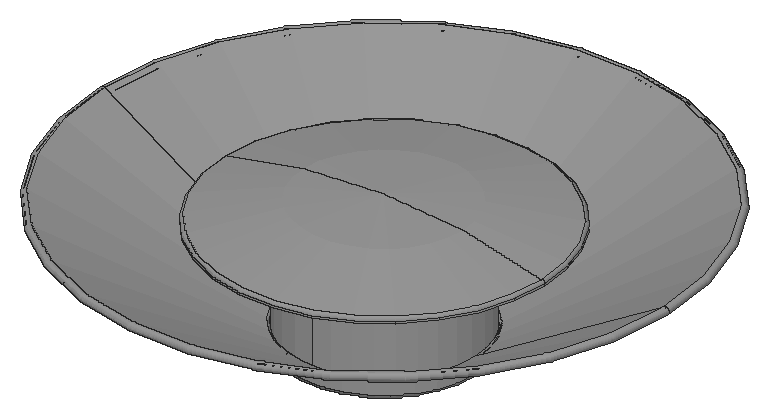
Revit family "BLE-W-CVR-LED", category Lighting Fixtures, host Face, Revit 2022
Family settings
  Host = Face
  Round Connector Dimension = Use Diameter
  Part Type = Normal
  Cut with Voids When Loaded = No
  Light Source = Yes
  Maintain Annotation Orientation = No
  Shared = No
  Room Calculation Point = No
Parameters (values of type "16"")
  Wattage = 5.72229 W
  built-in parameter 1150110 = 1 (stored number, unit not read)
  built-in parameter 1114217 = 1 (stored number, unit not read)
  Tilt Angle = 0.00°
  built-in parameter 1150109 = 1 (stored number, unit not read)
  built-in parameter 1150134 = (empty or 0)
  built-in parameter 1150113 = 1 (stored number, unit not read)
  Photometric Web File = "generic"
  built-in parameter 1150142 = (empty or 0)
  built-in parameter 1150105 = 67.641 (stored number, unit not read)
  Lumens = 850 lm
  built-in parameter 1150115 = 1 (stored number, unit not read)
  built-in parameter 1150137 = (empty or 0)
  built-in parameter 1150139 = (empty or 0)
  built-in parameter 1150112 = 1 (stored number, unit not read)
  built-in parameter 1150114 = 1 (stored number, unit not read)
  built-in parameter 1150132 = 2
  built-in parameter 1150102 = (empty or 0)
  built-in parameter 1150107 = 3000 (stored number, unit not read)
  built-in parameter 1150138 = (empty or 0)
  built-in parameter 1150106 = 0.67641 (stored number, unit not read)
  Emit from Line Length = 2' - 0"
  built-in parameter 1150104 = 13.8 (stored number, unit not read)
  Dimming Lamp Color Temperature Shift = <None>
  Shade Material = Copper
  Default Elevation = 4' - 0"
  Color Filter = 16777215
  Diffuser Material = Walnut
  built-in parameter 1114218 = 1 (stored number, unit not read)
  built-in parameter 1150133 = 10 (stored number, unit not read)
  16" = yes
  12" = no
  8" = no
Types (4): name | 16" | 12" | 8"
  (no name) | yes | no | no
  8" | no | no | yes
  12" | no | yes | no
  16" | yes | no | no
Reference planes (in)
  plane 1 "Center (Front/Back)": y = 0
  plane 2: z = 0
  plane 3 "Center (Left/Right)": x = 0
Lines and regions (in)
  reference lines
    curve 1: line (-35, 0, 0) -> (35, 0, 0)
    curve 2: line (0, 45, 0) -> (0, -38, 0)
Dimensions and locks (in)
  locked: imposter light to host face at 0.5
  aligned and locked: plane 2 to host face
  aligned and locked: level to host face
  aligned and locked: plane 1 "Center (Front/Back)" to nested 4
  aligned and locked: plane 1 "Center (Front/Back)" to nested 5
  aligned and locked: plane 3 "Center (Left/Right)" to nested 5
  aligned and locked: plane 3 "Center (Left/Right)" to nested 6
  aligned and locked: nested 6 to plane 1 "Center (Front/Back)"
  aligned and locked: nested 7 to plane 3 "Center (Left/Right)"
  aligned and locked: nested 7 to plane 1 "Center (Front/Back)"
  aligned and locked: nested 8 to plane 1 "Center (Front/Back)"
  aligned and locked: plane 3 "Center (Left/Right)" to nested 8
  aligned and locked: nested 9 to plane 1 "Center (Front/Back)"
  aligned and locked: nested 9 to plane 3 "Center (Left/Right)"
  aligned and locked: plane 3 "Center (Left/Right)" to nested 3
  aligned and locked: nested 2 to plane 3 "Center (Left/Right)"
  aligned and locked: plane 3 "Center (Left/Right)" to nested 1
  aligned and locked: imposter light to plane 1 "Center (Front/Back)"
  aligned and locked: imposter light to plane 3 "Center (Left/Right)"
Nested families (in)
  nested 1: "ACR-0135" at (0, 0, 0.05078) x (0, 1, 0) z (0, 0, 1), type "ACR-0135"
    with 8" no
  nested 2: "WLT-DIF-06" at (0, 0, 1.40078) x (-1, 0, 0) z (0, 0, 1), type "WLT-DIF-06"
    with 8" no
  nested 3: "SHD-0368" at (0, 0, 0), type "SHD-0368"
    with 8" no
  nested 4: "SHD-0212" at (0, 0, 0), type "SHD-0212"
  nested 5: "SHD-0214" at (0, 0, 0), type "SHD-0214"
    with 12" no
  nested 6: "ACR-0200" at (0, 0, 0.05078) x (0, 1, 0) z (0, 0, 1), type "ACR-0200"
    with 12" no
  nested 7: "WLT-DIF-07" at (0, 0, 2.05078) x (-1, 0, 0) z (0, 0, 1), type "WLT-DIF-07"
    with 12" no
  nested 8: "ACR-0322" at (0, 0, 0.05078) x (0, 1, 0) z (0, 0, 1), type "ACR-0322"
  nested 9: "WLT-DIF-09" at (0, 0, 3.27078) x (-1, 0, 0) z (0, 0, 1), type "WLT-DIF-09"
Connectors (in)
  electrical at (0, 0, 0)
    settings: index 1, voltage 0 V, apparent load 0 VA, apparent load phase1 0 VA, apparent load phase2 0 VA, apparent load phase3 0 VA, power factor 1, load classification "Other", number of poles 1, system type 31, power factor state 1, is connector primary yes, connector utility no, sub classification motor no, connector description ""
Definition of nested family "SHD-0212"
  Parameters (values of type "SHD-0212")
    Shade Material = none
    Default Elevation = 2' - 0"
    16" = yes
  Reference planes (in)
    plane 1 "Center (Front/Back)": y = 0
    plane 2: z = 0
    plane 3 "Center (Left/Right)": x = 0
    plane 4: y = 2.1875
    plane 5: y = -2.1875
  Forms (in)
    Extrusion 1, solid
      sketch origin (0, 0, 0) x (1, 0, 0) y (0, 1, 0)
        loop
          line (-48, 48) -> (-48, -48) -> (48, -48) -> (48, 48) -> (-48, 48)
      from 0 to -12
    Revolve 2, solid, material <- "Shade Material", visible <- "16""
      sketch origin (0, 0, 0) x (1, 0, 0) y (0, 0, 1)
        loop
          line (0, 0) -> (0, 0.05078) -> (-2.49787, 0.05078)
          arc (-2.49787, 0.05078) -> (-2.51809, 0.05905) -> (-2.52671, 0.07913) r 0.02885
          line (-2.52671, 0.07913) -> (-2.5334, 0.462)
          arc (-2.5334, 0.462) -> (-2.54446, 0.50152) -> (-2.57345, 0.53058) r 0.08116
          line (-2.57345, 0.53058) -> (-7.84804, 3.62688)
          arc (-7.84804, 3.62688) -> (-7.99996, 3.52656) -> (-7.82767, 3.46773) r 0.10141
          line (-7.82767, 3.46773) -> (-7.86358, 3.50363)
          arc (-7.86358, 3.50363) -> (-7.94959, 3.533) -> (-7.87375, 3.58309) r 0.05063
          line (-7.87375, 3.58309) -> (-2.59916, 0.48678)
          arc (-2.59916, 0.48678) -> (-2.58831, 0.47591) -> (-2.58417, 0.46112) r 0.03037
          line (-2.58417, 0.46112) -> (-2.57749, 0.07824)
          arc (-2.57749, 0.07824) -> (-2.55368, 0.02283) -> (-2.49787, 0) r 0.07963
          line (-2.49787, 0) -> (0, 0)
        axis (0, 3.62688) -> (0, 0)
      angle from 0 to 360
  Dimensions and locks (in)
    aligned and locked: plane 2 to Extrusion 1
    aligned and locked: level to Extrusion 1
  Automatic sketch dimensions
    Extrusion 1 sketch curve to Extrusion 1 sketch curve = 8' - 0"  (x2)
    Revolve 2 sketch curve to Revolve 2 sketch curve = 0' - 0"  (x6)
    Revolve 2 sketch curve to level = 0' - 0"
    Revolve 2 sketch curve to plane 3 "Center (Left/Right)" = 0' - 0"  (x2)
    level to Revolve 2 sketch curve = 0' - 0 13/256"
    Revolve 2 sketch curve to Revolve 2 sketch curve = 0' - 2.49787"
    level to Revolve 2 sketch curve = 0' - 0.07913"
    Revolve 2 sketch curve to Revolve 2 sketch curve = 0' - 0.02885"
    level to Revolve 2 sketch curve = 0' - 0.462"
    level to Revolve 2 sketch curve = 0' - 0.53058"
    Revolve 2 sketch curve to Revolve 2 sketch curve = 0' - 0.04006"
    level to Revolve 2 sketch curve = 0' - 0.07824"
    level to Revolve 2 sketch curve = 0' - 0.48678"
    Revolve 2 sketch curve to Revolve 2 sketch curve = 0' - 0.02563"
    Revolve 2 sketch curve to Revolve 2 sketch curve = 0' - 0.07171"
    level to Revolve 2 sketch curve = 0' - 3.46773"
    Revolve 2 sketch curve to Revolve 2 sketch curve = 0' - 0.0358"
    Revolve 2 sketch curve to level = 0' - 1.56892"
    Revolve 2 sketch curve to Revolve 2 sketch curve = 0' - 3.31913"
Definition of nested family "ACR-0322"
  Parameters (values of type "ACR-0322")
    Default Elevation = 2' - 0"
    16" = yes
  Reference planes (in)
    plane 1 "Center (Front/Back)": y = 0
    plane 2: z = 0
    plane 3 "Center (Left/Right)": x = 0
    plane 4: z = 3.22
    plane 5: x = -2.5
    plane 6: x = -2.375
  Forms (in)
    Extrusion 1, solid
      sketch origin (0, 0, 0) x (1, 0, 0) y (0, 1, 0)
        loop
          line (-48, 48) -> (-48, -48) -> (48, -48) -> (48, 48) -> (-48, 48)
      from 0 to -12
    Revolve 2, solid, visible <- "16""
      sketch origin (0, 0, 0) x (1, 0, 0) y (0, 0, 1)
        loop
          line (-2.5, 0) -> (-2.375, 0) -> (-2.375, 3.22) -> (-2.5, 3.22) -> (-2.5, 0)
        axis (0, 3.22) -> (0, 0)
      angle from 0 to 360
  Dimensions and locks (in)
    locked: plane 4 to Extrusion 1 at 3.22
    locked: plane 3 "Center (Left/Right)" to plane 5 at 2.5
    locked: plane 6 to plane 5 at 0.125
    aligned and locked: plane 2 to Extrusion 1
    aligned and locked: level to Extrusion 1
    aligned and locked: Revolve 2 to plane 4
    aligned and locked: plane 6 to Revolve 2 sketch curve
    aligned and locked: Revolve 2 sketch curve to plane 5
Definition of nested family "WLT-DIF-09"
  Parameters (values of type "WLT-DIF-09")
    Diffuser Material = none
    Default Elevation = 2' - 0"
    16" = yes
  Reference planes (in)
    plane 1 "Center (Front/Back)": y = 0
    plane 2: z = 0
    plane 3 "Center (Left/Right)": x = 0
    plane 4: y = 2.1875
    plane 5: y = -2.1875
  Forms (in)
    Extrusion 1, solid
      sketch origin (0, 0, 0) x (1, 0, 0) y (0, 1, 0)
        loop
          line (-48, 48) -> (-48, -48) -> (48, -48) -> (48, 48) -> (-48, 48)
      from 0 to -12
    Revolve 2, solid, material <- "Diffuser Material", visible <- "16""
      sketch origin (0, 0, 0) x (1, 0, 0) y (0, 0, 1)
        loop
          arc (0, 0.45) -> (-2.23388, 0.2982) -> (-4.42668, -0.15442) r 16.51236
          arc (-4.42668, -0.15442) -> (-4.47958, -0.19032) -> (-4.49999, -0.25091) r 0.10016
          line (-4.49999, -0.25091) -> (-4.49999, -0.3) -> (-2.5625, -0.3) -> (-2.5625, 0) -> (-2.3125, 0) -> (-2.3125, -0.3) -> (0, -0.3) -> (0, 0.45)
        axis (0, 0.45) -> (0, -0.3)
      angle from 0 to 360
  Dimensions and locks (in)
    aligned and locked: plane 2 to Extrusion 1
    aligned and locked: level to Extrusion 1
  Automatic sketch dimensions
    Extrusion 1 sketch curve to Extrusion 1 sketch curve = 8' - 0"  (x2)
    Revolve 2 sketch curve to level = 0' - 0"
    Revolve 2 sketch curve to plane 3 "Center (Left/Right)" = 0' - 0"  (x3)
    Revolve 2 sketch curve to Revolve 2 sketch curve = 0' - 2 5/16"
    Revolve 2 sketch curve to Revolve 2 sketch curve = 0' - 0 1/4"
    Revolve 2 sketch curve to level = 0' - 0.25091"
    Revolve 2 sketch curve to Revolve 2 sketch curve = 0' - 1.83733"
    Revolve 2 sketch curve to Revolve 2 sketch curve = 0' - 0.10016"
    Revolve 2 sketch curve to Revolve 2 sketch curve = 1' - 3.76235"
    Revolve 2 sketch curve to Revolve 2 sketch curve = 0' - 0"
    level to Revolve 2 sketch curve = 0' - 0.45"
    Revolve 2 sketch curve to Revolve 2 sketch curve = 0' - 0.01892"
    Revolve 2 sketch curve to Revolve 2 sketch curve = 0' - 1 1/4"
    Revolve 2 sketch curve to Revolve 2 sketch curve = 0' - 0.04909"
Definition of nested family "ACR-0135"
  Parameters (values of type "ACR-0135")
    Default Elevation = 2' - 0"
    8" = yes
  Reference planes (in)
    plane 1 "Center (Front/Back)": y = 0
    plane 2: z = 0
    plane 3 "Center (Left/Right)": x = 0
    plane 4: z = 1.35
    plane 5: x = -2.5
    plane 6: x = -2.375
  Forms (in)
    Extrusion 1, solid
      sketch origin (0, 0, 0) x (1, 0, 0) y (0, 1, 0)
        loop
          line (-48, 48) -> (-48, -48) -> (48, -48) -> (48, 48) -> (-48, 48)
      from 0 to -12
    Revolve 2, solid, visible <- "8""
      sketch origin (0, 0, 0) x (1, 0, 0) y (0, 0, 1)
        loop
          line (-2.5, 0) -> (-2.375, 0) -> (-2.375, 1.35) -> (-2.5, 1.35) -> (-2.5, 0)
        axis (0, 1.35) -> (0, 0)
      angle from 0 to 360
  Dimensions and locks (in)
    locked: plane 4 to Extrusion 1 at 1.35
    locked: plane 3 "Center (Left/Right)" to plane 5 at 2.5
    locked: plane 6 to plane 5 at 0.125
    aligned and locked: plane 2 to Extrusion 1
    aligned and locked: level to Extrusion 1
    aligned and locked: Revolve 2 to plane 4
    aligned and locked: plane 6 to Revolve 2 sketch curve
    aligned and locked: Revolve 2 sketch curve to plane 5
Definition of nested family "WLT-DIF-06"
  Parameters (values of type "WLT-DIF-06")
    Diffuser Material = none
    Default Elevation = 2' - 0"
    8" = yes
  Reference planes (in)
    plane 1 "Center (Front/Back)": y = 0
    plane 2: z = 0
    plane 3 "Center (Left/Right)": x = 0
    plane 4: y = 2.1875
    plane 5: y = -2.1875
  Forms (in)
    Extrusion 1, solid
      sketch origin (0, 0, 0) x (1, 0, 0) y (0, 1, 0)
        loop
          line (-48, 48) -> (-48, -48) -> (48, -48) -> (48, 48) -> (-48, 48)
      from 0 to -12
    Revolve 2, solid, material <- "Diffuser Material", visible <- "8""
      sketch origin (0, 0, 0) x (1, 0, 0) y (0, 0, 1)
        loop
          line (-3, -0.175) -> (-2.5625, -0.175) -> (-2.5625, 0) -> (-2.3125, 0) -> (-2.3125, -0.175) -> (0, -0.175) -> (0, 0.575)
          arc (0, 0.575) -> (-1.4997, 0.42379) -> (-2.93902, -0.02376) r 7.5125
          arc (-2.93902, -0.02376) -> (-2.98338, -0.06068) -> (-3, -0.11594) r 0.10017
          line (-3, -0.11594) -> (-3, -0.175)
        axis (0, 0.575) -> (0, -0.175)
      angle from 0 to 360
  Dimensions and locks (in)
    aligned and locked: plane 2 to Extrusion 1
    aligned and locked: level to Extrusion 1
  Automatic sketch dimensions
    Extrusion 1 sketch curve to Extrusion 1 sketch curve = 8' - 0"  (x2)
    Revolve 2 sketch curve to plane 3 "Center (Left/Right)" = 0' - 0"  (x3)
    level to Revolve 2 sketch curve = 0' - 0"
    Revolve 2 sketch curve to plane 3 "Center (Left/Right)" = 0' - 2 5/16"
    Revolve 2 sketch curve to Revolve 2 sketch curve = 0' - 0 1/4"
    Revolve 2 sketch curve to level = 0' - 0.11594"
    Revolve 2 sketch curve to Revolve 2 sketch curve = 0' - 0.33733"
    Revolve 2 sketch curve to Revolve 2 sketch curve = 0' - 0.10017"
    Revolve 2 sketch curve to level = 0' - 0.175"  (x2)
    Revolve 2 sketch curve to level = 0' - 6 15/16"
    level to Revolve 2 sketch curve = 0' - 0.575"
    Revolve 2 sketch curve to Revolve 2 sketch curve = 0' - 0.14392"
    Revolve 2 sketch curve to Revolve 2 sketch curve = 0' - 1 1/4"
Definition of nested family "SHD-0368"
  Parameters (values of type "SHD-0368")
    Shade Material = none
    Default Elevation = 2' - 0"
    8" = yes
  Reference planes (in)
    plane 1 "Center (Front/Back)": y = 0
    plane 2: z = 0
    plane 3 "Center (Left/Right)": x = 0
    plane 4: y = 2.1875
    plane 5: y = -2.1875
  Forms (in)
    Extrusion 1, solid
      sketch origin (0, 0, 0) x (1, 0, 0) y (0, 1, 0)
        loop
          line (-48, 48) -> (-48, -48) -> (48, -48) -> (48, 48) -> (-48, 48)
      from 0 to -12
    Revolve 2, solid, material <- "Shade Material", visible <- "8""
      sketch origin (0, 0, 0) x (1, 0, 0) y (0, 0, 1)
        loop
          line (0, 0) -> (0, 0.05078) -> (-2.49738, 0.05078)
          arc (-2.49738, 0.05078) -> (-2.51795, 0.0592) -> (-2.52672, 0.07961) r 0.02934
          line (-2.52672, 0.07961) -> (-2.53315, 0.44798)
          arc (-2.53315, 0.44798) -> (-2.53974, 0.4837) -> (-2.55754, 0.51537) r 0.11066
          line (-2.55754, 0.51537) -> (-3.74916, 1.99796)
          arc (-3.74916, 1.99796) -> (-4.0006, 1.91702) -> (-3.75938, 1.80938) r 0.14142
          line (-3.75938, 1.80938) -> (-3.79529, 1.84529)
          arc (-3.79529, 1.84529) -> (-3.94989, 1.91427) -> (-3.78874, 1.96615) r 0.09064
          line (-3.78874, 1.96615) -> (-2.59712, 0.48356)
          arc (-2.59712, 0.48356) -> (-2.58749, 0.46642) -> (-2.58392, 0.44709) r 0.05988
          line (-2.58392, 0.44709) -> (-2.57749, 0.07873)
          arc (-2.57749, 0.07873) -> (-2.55354, 0.02298) -> (-2.49738, 0) r 0.08012
          line (-2.49738, 0) -> (0, 0)
        axis (0, 1.99796) -> (0, 0)
      angle from 0 to 360
  Dimensions and locks (in)
    aligned and locked: plane 2 to Extrusion 1
    aligned and locked: level to Extrusion 1
  Automatic sketch dimensions
    Extrusion 1 sketch curve to Extrusion 1 sketch curve = 8' - 0"  (x2)
    Revolve 2 sketch curve to Revolve 2 sketch curve = 0' - 0"  (x6)
    Revolve 2 sketch curve to level = 0' - 0"
    Revolve 2 sketch curve to plane 3 "Center (Left/Right)" = 0' - 0"  (x2)
    level to Revolve 2 sketch curve = 0' - 0.08012"
    Revolve 2 sketch curve to plane 3 "Center (Left/Right)" = 0' - 2.49738"
    level to Revolve 2 sketch curve = 0' - 0.07961"
    Revolve 2 sketch curve to Revolve 2 sketch curve = 0' - 0.02934"
    level to Revolve 2 sketch curve = 0' - 0.44798"
    Revolve 2 sketch curve to Revolve 2 sketch curve = 0' - 0.00643"
    level to Revolve 2 sketch curve = 0' - 0.51537"
    Revolve 2 sketch curve to Revolve 2 sketch curve = 0' - 0.02439"
    level to Revolve 2 sketch curve = 0' - 0.07873"
    level to Revolve 2 sketch curve = 0' - 0.44709"
    level to Revolve 2 sketch curve = 0' - 0.48356"
    Revolve 2 sketch curve to Revolve 2 sketch curve = 0' - 1.19162"
    Revolve 2 sketch curve to Revolve 2 sketch curve = 0' - 0.07065"
    Revolve 2 sketch curve to Revolve 2 sketch curve = 0' - 0.03181"
    Revolve 2 sketch curve to Revolve 2 sketch curve = 0' - 0.10001"
    level to Revolve 2 sketch curve = 0' - 1.80938"
    Revolve 2 sketch curve to Revolve 2 sketch curve = 0' - 0.03591"
    Revolve 2 sketch curve to level = 0' - 0.31892"
    Revolve 2 sketch curve to Revolve 2 sketch curve = 0' - 1 1/4"
Definition of nested family "SHD-0214"
  Parameters (values of type "SHD-0214")
    Shade Material = none
    Default Elevation = 2' - 0"
    12" = yes
  Reference planes (in)
    plane 1 "Center (Front/Back)": y = 0
    plane 2: z = 0
    plane 3 "Center (Left/Right)": x = 0
    plane 4: y = 2.1875
    plane 5: y = -2.1875
  Forms (in)
    Extrusion 1, solid
      sketch origin (0, 0, 0) x (1, 0, 0) y (0, 1, 0)
        loop
          line (-48, 48) -> (-48, -48) -> (48, -48) -> (48, 48) -> (-48, 48)
      from 0 to -12
    Revolve 2, solid, material <- "Shade Material", visible <- "12""
      sketch origin (0, 0, 0) x (1, 0, 0) y (0, 0, 1)
        loop
          line (0, 0) -> (0, 0.05078) -> (-2.49705, 0.05078)
          arc (-2.49705, 0.05078) -> (-2.51786, 0.05929) -> (-2.52673, 0.07994) r 0.02968
          line (-2.52673, 0.07994) -> (-2.53312, 0.44602)
          arc (-2.53312, 0.44602) -> (-2.54819, 0.49989) -> (-2.58766, 0.53953) r 0.11077
          line (-2.58766, 0.53953) -> (-5.78762, 2.42387)
          arc (-5.78762, 2.42387) -> (-6.00077, 2.30324) -> (-5.78973, 2.17896) r 0.14141
          line (-5.78973, 2.17896) -> (-5.81474, 2.22315)
          arc (-5.81474, 2.22315) -> (-5.94999, 2.30281) -> (-5.81339, 2.38012) r 0.09062
          line (-5.81339, 2.38012) -> (-2.61343, 0.49577)
          arc (-2.61343, 0.49577) -> (-2.59205, 0.47431) -> (-2.58389, 0.44513) r 0.05999
          line (-2.58389, 0.44513) -> (-2.5775, 0.07906)
          arc (-2.5775, 0.07906) -> (-2.55345, 0.02307) -> (-2.49705, 0) r 0.08046
          line (-2.49705, 0) -> (0, 0)
        axis (0, 2.42387) -> (0, 0)
      angle from 0 to 360
  Dimensions and locks (in)
    aligned and locked: plane 2 to Extrusion 1
    aligned and locked: level to Extrusion 1
  Automatic sketch dimensions
    Extrusion 1 sketch curve to Extrusion 1 sketch curve = 8' - 0"  (x2)
    Revolve 2 sketch curve to Revolve 2 sketch curve = 0' - 0"  (x6)
    Revolve 2 sketch curve to level = 0' - 0"
    Revolve 2 sketch curve to plane 3 "Center (Left/Right)" = 0' - 0"  (x2)
    level to Revolve 2 sketch curve = 0' - 0.08046"
    Revolve 2 sketch curve to plane 3 "Center (Left/Right)" = 0' - 2.49705"
    level to Revolve 2 sketch curve = 0' - 0.07994"
    Revolve 2 sketch curve to Revolve 2 sketch curve = 0' - 0.02968"
    level to Revolve 2 sketch curve = 0' - 0.44602"
    Revolve 2 sketch curve to Revolve 2 sketch curve = 0' - 0.00639"
    level to Revolve 2 sketch curve = 0' - 0.07906"
    level to Revolve 2 sketch curve = 0' - 0.44513"
    level to Revolve 2 sketch curve = 0' - 0.53953"
    Revolve 2 sketch curve to Revolve 2 sketch curve = 0' - 0.00377"
    level to Revolve 2 sketch curve = 0' - 0.49577"
    level to Revolve 2 sketch curve = 0' - 2.42387"
    Revolve 2 sketch curve to Revolve 2 sketch curve = 0' - 0.04598"
    Revolve 2 sketch curve to Revolve 2 sketch curve = 0' - 0.07809"
    Revolve 2 sketch curve to Revolve 2 sketch curve = 0' - 0.06964"
    level to Revolve 2 sketch curve = 0' - 2.17896"
    level to Revolve 2 sketch curve = 0' - 2.22315"
    Revolve 2 sketch curve to Revolve 2 sketch curve = 0' - 0.02501"
    Revolve 2 sketch curve to level = 0' - 1.56892"
    Revolve 2 sketch curve to Revolve 2 sketch curve = 0' - 2.22613"
Definition of nested family "ACR-0200"
  Parameters (values of type "ACR-0200")
    Default Elevation = 2' - 0"
    12" = yes
  Reference planes (in)
    plane 1 "Center (Front/Back)": y = 0
    plane 2: z = 0
    plane 3 "Center (Left/Right)": x = 0
    plane 4: z = 2
    plane 5: x = -2.5
    plane 6: x = -2.375
  Forms (in)
    Extrusion 1, solid
      sketch origin (0, 0, 0) x (1, 0, 0) y (0, 1, 0)
        loop
          line (-48, 48) -> (-48, -48) -> (48, -48) -> (48, 48) -> (-48, 48)
      from 0 to -12
    Revolve 2, solid, visible <- "12""
      sketch origin (0, 0, 0) x (1, 0, 0) y (0, 0, 1)
        loop
          line (-2.5, 0) -> (-2.375, 0) -> (-2.375, 2) -> (-2.5, 2) -> (-2.5, 0)
        axis (0, 2) -> (0, 0)
      angle from 0 to 360
  Dimensions and locks (in)
    locked: plane 4 to Extrusion 1 at 2
    locked: plane 3 "Center (Left/Right)" to plane 5 at 2.5
    locked: plane 6 to plane 5 at 0.125
    aligned and locked: plane 2 to Extrusion 1
    aligned and locked: level to Extrusion 1
    aligned and locked: Revolve 2 to plane 4
    aligned and locked: plane 6 to Revolve 2 sketch curve
    aligned and locked: Revolve 2 sketch curve to plane 5
Definition of nested family "WLT-DIF-07"
  Parameters (values of type "WLT-DIF-07")
    Diffuser Material = none
    Default Elevation = 2' - 0"
    12" = yes
  Reference planes (in)
    plane 1 "Center (Front/Back)": y = 0
    plane 2: z = 0
    plane 3 "Center (Left/Right)": x = 0
    plane 4: y = 2.1875
    plane 5: y = -2.1875
  Forms (in)
    Extrusion 1, solid
      sketch origin (0, 0, 0) x (1, 0, 0) y (0, 1, 0)
        loop
          line (-48, 48) -> (-48, -48) -> (48, -48) -> (48, 48) -> (-48, 48)
      from 0 to -12
    Revolve 2, solid, material <- "Diffuser Material", visible <- "12""
      sketch origin (0, 0, 0) x (1, 0, 0) y (0, 0, 1)
        loop
          arc (0, 0.45) -> (-1.74293, 0.29867) -> (-3.43369, -0.1508) r 10.11244
          arc (-3.43369, -0.1508) -> (-3.48177, -0.18754) -> (-3.5, -0.24524) r 0.10041
          line (-3.5, -0.24524) -> (-3.5, -0.3) -> (-2.5625, -0.3) -> (-2.5625, 0) -> (-2.3125, 0) -> (-2.3125, -0.3) -> (0, -0.3) -> (0, 0.45)
        axis (0, 0.45) -> (0, -0.3)
      angle from 0 to 360
  Dimensions and locks (in)
    aligned and locked: plane 2 to Extrusion 1
    aligned and locked: level to Extrusion 1
  Automatic sketch dimensions
    Extrusion 1 sketch curve to Extrusion 1 sketch curve = 8' - 0"  (x2)
    Revolve 2 sketch curve to level = 0' - 0"
    Revolve 2 sketch curve to plane 3 "Center (Left/Right)" = 0' - 0"  (x3)
    Revolve 2 sketch curve to Revolve 2 sketch curve = 0' - 2 5/16"
    Revolve 2 sketch curve to Revolve 2 sketch curve = 0' - 0 1/4"
    Revolve 2 sketch curve to level = 0' - 0.24524"
    Revolve 2 sketch curve to Revolve 2 sketch curve = 0' - 0.83709"
    Revolve 2 sketch curve to Revolve 2 sketch curve = 0' - 0.10041"
    Revolve 2 sketch curve to Revolve 2 sketch curve = 0' - 9.36244"
    Revolve 2 sketch curve to Revolve 2 sketch curve = 0' - 0"
    level to Revolve 2 sketch curve = 0' - 0.45"
    Revolve 2 sketch curve to Revolve 2 sketch curve = 0' - 0.01892"
    Revolve 2 sketch curve to Revolve 2 sketch curve = 0' - 1 1/4"
    Revolve 2 sketch curve to Revolve 2 sketch curve = 0' - 0.05476"
